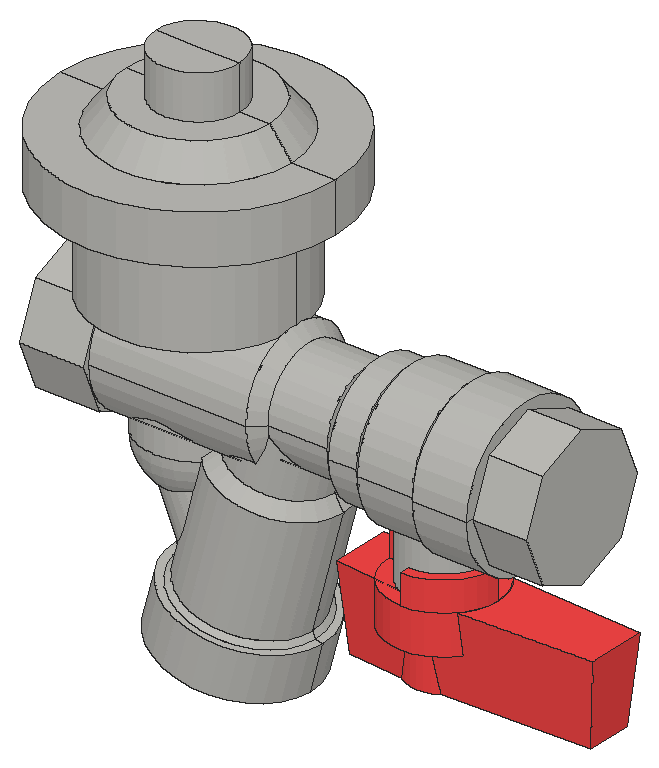
Revit family "VT.300.N.04", category Арматура трубопроводов, Revit 2019
Family settings
  Размер круглого соединителя = Использовать диаметр
  Тип детали = Клапан - Вставляется
  На основе рабочей плоскости = Нет
  Всегда вертикально = Да
  При загрузке вырезать с полостями = Нет
  Общий = Нет
Parameters
  Изготовитель = "VALTEC"
  URL = "https://valtec.ru/"
  Du [instance] = 15 mm  # constant formula
  ADSK_Позиция [instance] = ""
  ADSK_Обозначение [instance] = "VT.300.N.04"  # constant formula
  ADSK_Наименование [instance] = "Кран шаровой со встроенным фильтром и редуктором давления (КФРД) универсальный"  # constant formula
  ADSK_Материал [instance] = Латунь CW614N
  ADSK_Масса [instance] = 0
  ADSK_Код изделия [instance] = "VT.300.N.04"  # constant formula
  ADSK_Завод-изготовитель [instance] = Изготовитель  # "VALTEC"
  ADSK_Единица измерения [instance] = "шт."  # constant formula
  ADSK_URL страницы изделия [instance] = "https://valtec.ru/catalog/reguliruyuschaya_armatura/reduktory_davleniya_dlya_vody/kran_sharovoj_so_vstroennym_filtrom_i_reduktorom_davleniya_kfrd_universalnyj.html"
  ADSK_URL документации изделия [instance] = "https://valtec.ru/document/technical/VT.300-0919.pdf"
Reference planes
  plane 1 "По центру (Вперед/Назад)": y = 0
  plane 2: z = 0
  plane 3 "По центру (Влево/Вправо)": x = 0
  plane 4: x = -34
  plane 5: x = 45
  plane 6: y = 13
  plane 7: y = 10.516
  plane 8: y = 13
  plane 9: y = 14.5
  plane 10: y = 15.5
  plane 11: through (-2, 13, 1200) normal (0.7071, 0.7071, 0)
  plane 12: through (15, 13, 1200) normal (0.7071, -0.7071, 0)
  plane 13: x = -2
  plane 14: x = 15
  plane 15: x = 22
  plane 16: through (22, 14.5, 1200) normal (0.7071, -0.7071, 0)
  plane 17: x = 34
  plane 18: through (34, 15.5, 1200) normal (0.7071, -0.7071, 0)
  plane 19: x = 56
  plane 20: x = -47
  plane 21: through (0, 0, 0) normal (0, 0.3827, 0.9239)
  plane 22: through (0, 0, 0) normal (0, 0.9239, 0.3827)
  plane 23: through (0, 0, 0) normal (0, 0.9239, -0.3827)
  plane 24: through (0, 0, 0) normal (0, 0.3827, -0.9239)
  plane 25: through (0, -10.754, 9.617) normal (0, 0.3827, -0.9239)
  plane 26: through (0, 4.975, -12.01) normal (0, 0.3827, -0.9239)
  plane 27: through (0, 12.01, 4.975) normal (0, 0.9239, 0.3827)
  plane 28: through (0, -12.01, -4.975) normal (0, 0.9239, 0.3827)
  plane 29: through (0, 12.01, -4.975) normal (0, 0.9239, -0.3827)
  plane 30: through (0, -12.01, 4.975) normal (0, 0.9239, -0.3827)
  plane 31: through (0, -4.975, -12.01) normal (0, 0.3827, 0.9239)
  plane 32: through (0, 0, 0) normal (0, 0.3827, 0.9239)
  plane 33: through (0, 4.975, 12.01) normal (0, 0.3827, 0.9239)
  plane 34: through (-1, -1524, 0) normal (0.9659, 0, -0.2588)
  plane 35: through (-13.682, -1524, -47.33) normal (0.2588, 0, 0.9659)
  plane 36: through (-6.964, -1524, -50.89) normal (0.2588, 0, 0.9659)
  plane 37: through (-5.955, -1524, -49.401) normal (0.866, 0, 0.5)
  plane 38: through (0.85, -1524, -52.984) normal (-0.9659, 0, 0.2588)
  plane 39: through (3.438, -1524, -43.325) normal (-0.2588, 0, -0.9659)
  plane 40: through (1.3, -1524, -41.646) normal (-0.9659, 0, 0.2588)
  plane 41: through (1.989, -1524, -42.937) normal (-0.866, 0, -0.5)
  plane 42: through (4.846, -1524, -18.752) normal (-0.9659, 0, 0.2588)
  plane 43: through (-1, -1524, 0) normal (0.2588, 0, 0.9659)
  plane 44: through (7.623, -1524, -18.047) normal (-0.866, 0, -0.5)
  plane 45: x = -22
  plane 46: z = 56.5
  plane 47: x = -30.5
  plane 48: z = 47.5
  plane 49: through (-37.86, -1524, 45.828) normal (0.7771, 0, -0.6293)
  plane 50: z = 42
  plane 51: z = 32
  plane 52: through (-46.877, -1524, 31.287) normal (0.5, 0, 0.866)
  plane 53: x = -42
  plane 54: x = -50
  plane 55: through (-42, -1524, 12) normal (0.2588, 0, 0.9659)
  plane 56: x = -33
  plane 57: x = -22
  plane 58: through (-22, -1524, -15.5) normal (0.9205, 0, 0.3907)
  plane 59: x = 28
  plane 60: x = 36
  plane 61: z = -23
  plane 62: z = -39.768
Forms (mm)
  Revolve 1, solid, material "Латунь CW614N" <- "ADSK_Материал", detail levels fine
    sketch origin (0, 0, 0) x (1, 0, 0) y (0, 1, 0)
      loop
        line (-34, 0) -> (45, 0) -> (45, 15.5) -> (34, 15.5) -> (33, 14.5) -> (22, 14.5) -> (20.5, 13) -> (15, 13) -> (12.516, 10.516) -> (0.484, 10.516) -> (-2, 13) -> (-34, 13) -> (-34, 0)
      axis (45, 0) -> (-34, 0)
    angle from 0 to 360
  Extrusion 2, solid, material "Латунь CW614N" <- "ADSK_Материал", detail levels fine
    sketch origin (0, 0, 0) x (0, 1, 0) y (0, 0, 1)
      loop
        line (14.071, 0) -> (9.95, 9.95) -> (0, 14.071) -> (-9.95, 9.95) -> (-14.071, 0) -> (-9.95, -9.95) -> (0, -14.071) -> (9.95, -9.95) -> (14.071, 0)
    from -47 to -34
  Extrusion 3, solid, material "Латунь CW614N" <- "ADSK_Материал", detail levels fine
    sketch origin (0, 0, 0) x (0, 1, 0) y (0, 0, 1)
      loop
        line (-9.95, 9.95) -> (-14.071, 0) -> (-9.95, -9.95) -> (0, -14.071) -> (9.95, -9.95) -> (14.071, 0) -> (9.95, 9.95) -> (0, 14.071) -> (-9.95, 9.95)
    from 45 to 56
  Revolve 4, solid, material "Латунь CW614N" <- "ADSK_Материал", detail levels fine
    sketch origin (0, 0, 0) x (1, 0, 0) y (0, 0, 1)
      loop
        line (-1, 0) -> (-13.682, -47.33) -> (-5.955, -49.401) -> (-4.753, -51.483) -> (0.85, -52.984) -> (3.438, -43.325) -> (1.989, -42.937) -> (1.282, -41.712) -> (7.623, -18.047) -> (5.855, -14.985) -> (9.142, -2.718) -> (-1, 0)
      axis (-1, 0) -> (-14.122, -48.972)
    angle from 0 to 360
  Revolve 5, solid, material "Латунь CW614N" <- "ADSK_Материал", detail levels fine
    sketch origin (0, 0, 0) x (1, 0, 0) y (0, 0, 1)
      loop
        line (-22, 56.5) -> (-30.5, 56.5) -> (-30.5, 47.5) -> (-36.506, 47.5) -> (-40.96, 42) -> (-50, 42) -> (-50, 32) -> (-48.113, 32) -> (-42, 28.471) -> (-42, 12) -> (-33, 9.588) -> (-33, 0) -> (-22, 0) -> (-22, 56.5)
      axis (-22, 0) -> (-22, 56.5)
    angle from 0 to 360
  Revolve 6, solid, material "Латунь CW614N" <- "ADSK_Материал", detail levels fine
    sketch origin (0, 0, 0) x (1, 0, 0) y (0, 0, 1)
      loop
        line (-22, 0) -> (-33, 0) -> (-33, -13)
        arc (-33, -13) -> (-29.778, -20.778) -> (-22, -24) r 11
        line (-22, -24) -> (-22, 0)
      axis (-22, 0) -> (-22, -24)
    angle from 0 to 360
  Revolve 7, solid, material "Латунь CW614N" <- "ADSK_Материал", detail levels fine
    sketch origin (0, 0, 0) x (1, 0, 0) y (0, 0, 1)
      loop
        line (-29.364, -18.626) -> (-20.439, -39.651) -> (-13.075, -36.525) -> (-22, -15.5) -> (-29.364, -18.626)
      axis (-22, -15.5) -> (-13.075, -36.525)
    angle from 0 to 360
  Revolve 8, solid, material "Латунь CW614N" <- "ADSK_Материал", detail levels fine
    sketch origin (0, 0, 0) x (1, 0, 0) y (0, 0, 1)
      loop
        line (28, 0) -> (28, -23) -> (36, -23) -> (36, 0) -> (28, 0)
      axis (28, 0) -> (28, -23)
    angle from 0 to 360
Lines and regions (mm)
  reference lines
    curve 1: line (-1, 0, 0) -> (-1, 0, 1.915)
    curve 2: line (-5.955, 0, -49.401) -> (-5.695, 0, -48.433)
    curve 3: line (1.989, 0, -42.937) -> (1.622, 0, -44.308)
    curve 4: line (7.623, 0, -18.047) -> (5.461, 0, -17.467)
    curve 5: line (-33.5, 0, 47.5) -> (-33.5, 0, 45.752)
    curve 6: line (-35, 0, 47.5) -> (-35, 0, 45.582)
    curve 7: line (-42, 0, 12) -> (-39.69, 0, 12)
    curve 8: line (-22, 0, -24) -> (-25.695, 0, -24)
    curve 9: line (-22, 0, -13) -> (-20.1, 0, -13)
    curve 10: line (-22, 0, -15.5) -> (-26.5, 0, -15.5)
Dimensions and locks
  locked: plane 4 to plane 3 "По центру (Влево/Вправо)" at 34
  locked: plane 6 to plane 1 "По центру (Вперед/Назад)" at 13
  plane 7 to plane 1 "По центру (Вперед/Назад)" = 10.516 mm
  plane 8 to plane 1 "По центру (Вперед/Назад)" = 13 mm
  plane 9 to plane 1 "По центру (Вперед/Назад)" = 14.5 mm
  plane 10 to plane 1 "По центру (Вперед/Назад)" = 15.5 mm
  locked: plane 4 to plane 13 at 32
  locked: plane 13 to plane 14 at 17
  plane 14 to plane 15 = 7 mm
  plane 3 "По центру (Влево/Вправо)" to plane 5 = 45 mm
  plane 17 to plane 5 = 11 mm
  equal spacing: plane 25, plane 24, plane 26
  plane 25 to plane 26 = 26 mm
  equal spacing: plane 27, plane 22, plane 28
  plane 27 to plane 28 = 26 mm
  equal spacing: plane 30, plane 23, plane 29
  plane 30 to plane 29 = 26 mm
  equal spacing: plane 33, plane 32, plane 31
  plane 33 to plane 31 = 26 mm
  locked: plane 20 to plane 4 at 13
  locked: plane 5 to plane 19 at 11
  locked: plane 3 "По центру (Влево/Вправо)" to curve 1 at 1
  locked: curve 1 to plane 35 at 49
  locked: curve 2 to plane 34 at 8
  locked: plane 35 to plane 36 at 1.7
  locked: plane 38 to plane 34 at 15.5
  locked: plane 36 to plane 39 at 10
  locked: plane 34 to plane 40 at 13
  locked: curve 4 to plane 39 at 25.5
  locked: plane 34 to plane 42 at 10.5
  locked: plane 45 to plane 3 "По центру (Влево/Вправо)" at 22
  locked: plane 46 to level at 56.5
  locked: plane 45 to plane 47 at 8.5
  locked: plane 46 to plane 48 at 9
  locked: plane 50 to level at 42
  locked: plane 50 to plane 51 at 10
  locked: plane 45 to plane 53 at 20
  locked: plane 45 to plane 54 at 28
  plane 51 to curve 7 = 20 mm
  locked: plane 45 to plane 56 at 11
  locked: plane 3 "По центру (Влево/Вправо)" to plane 57 at 22
  level to curve 8 = 24 mm
  locked: plane 59 to plane 3 "По центру (Влево/Вправо)" at 28
  locked: plane 60 to plane 59 at 8
  locked: plane 37 to plane 35 (angle 45.00°)
  locked: plane 41 to plane 39 (angle 45.00°)
  locked: plane 44 to curve 4 (angle 45.00°)
  angle plane 52 to plane 51 = 30.00°
  angle plane 53 to plane 55 = 75.00°
  angle plane 57 to plane 58 = 23.00°
  aligned and locked: level to plane 2
  aligned and locked: plane 27 to Extrusion 2 sketch curve
  aligned and locked: plane 33 to Extrusion 2 sketch curve
  aligned and locked: plane 25 to Extrusion 2 sketch curve
  aligned and locked: plane 30 to Extrusion 2 sketch curve
  aligned and locked: Extrusion 2 sketch curve to plane 28
  aligned and locked: Extrusion 2 sketch curve to plane 31
  aligned and locked: Extrusion 2 sketch curve to plane 26
  aligned and locked: Extrusion 2 sketch curve to plane 29
  aligned and locked: Extrusion 2 to plane 20
  aligned and locked: plane 4 to Extrusion 2
  aligned and locked: Extrusion 3 sketch curve to plane 25
  aligned and locked: Extrusion 3 sketch curve to plane 33
  aligned and locked: Extrusion 3 sketch curve to plane 27
  aligned and locked: plane 29 to Extrusion 3 sketch curve
  aligned and locked: plane 26 to Extrusion 3 sketch curve
  aligned and locked: plane 31 to Extrusion 3 sketch curve
  aligned and locked: plane 28 to Extrusion 3 sketch curve
  aligned and locked: Extrusion 3 sketch curve to plane 30
  aligned and locked: Extrusion 3 to plane 5
  aligned and locked: plane 19 to Extrusion 3
  aligned and locked: Revolve 4 sketch curve to plane 43
  aligned and locked: Revolve 4 sketch curve to plane 42
  aligned and locked: Revolve 4 sketch curve to plane 44
  aligned and locked: Revolve 4 sketch curve to plane 40
  aligned and locked: Revolve 4 sketch curve to plane 39
  aligned and locked: Revolve 4 sketch curve to plane 41
  aligned and locked: Revolve 4 sketch curve to plane 38
  aligned and locked: Revolve 4 sketch curve to plane 36
  aligned and locked: Revolve 4 sketch curve to plane 35
  aligned and locked: Revolve 4 sketch curve to plane 37
  aligned and locked: Revolve 4 sketch curve to plane 34  (x2)
  aligned and locked: plane 50 to Revolve 5 sketch curve
  aligned and locked: Revolve 5 sketch curve to plane 49
  aligned and locked: Revolve 5 sketch curve to plane 46
  aligned and locked: Revolve 5 sketch curve to plane 47
  aligned and locked: Revolve 5 sketch curve to plane 48
  aligned and locked: Revolve 5 sketch curve to plane 54
  aligned and locked: Revolve 5 sketch curve to plane 51
  aligned and locked: Revolve 5 sketch curve to plane 52
  aligned and locked: Revolve 5 sketch curve to plane 53
  aligned and locked: Revolve 5 sketch curve to plane 55
  aligned and locked: Revolve 5 sketch curve to plane 45  (x2)
  aligned and locked: Revolve 5 sketch curve to level
  aligned and locked: Revolve 5 sketch curve to plane 56
  aligned and locked: plane 45 to Revolve 6 sketch curve
  aligned and locked: Revolve 6 sketch curve to level
  aligned and locked: plane 56 to Revolve 6 sketch curve
  aligned and locked: Revolve 6 sketch curve to plane 57
  aligned and locked: Revolve 7 sketch curve to plane 58  (x2)
  aligned and locked: Revolve 8 sketch curve to plane 61
  aligned and locked: Revolve 8 sketch curve to plane 60
  aligned and locked: Revolve 8 sketch curve to level
  aligned and locked: plane 59 to Revolve 8 sketch curve
  aligned and locked: Revolve 8 sketch curve to plane 59
  aligned and locked: nested 1 to Revolve 8
  aligned and locked: plane 59 to nested 1
  aligned and locked: plane 1 "По центру (Вперед/Назад)" to nested 1
Automatic sketch dimensions
  Revolve 1 sketch curve to plane 1 "По центру (Вперед/Назад)" = 0 mm
  Revolve 1 sketch curve to plane 4 = 0 mm
  Revolve 1 sketch curve to plane 6 = 0 mm
  Revolve 1 sketch curve to plane 11 = 0 mm  (x2)
  Revolve 1 sketch curve to plane 7 = 0 mm
  Revolve 1 sketch curve to plane 12 = 0 mm
  plane 6 to Revolve 1 sketch curve = 0 mm
  plane 12 to Revolve 1 sketch curve = 0 mm
  Revolve 1 sketch curve to plane 16 = 0 mm
  Revolve 1 sketch curve to plane 9 = 0 mm
  Revolve 1 sketch curve to plane 15 = 0 mm
  Revolve 1 sketch curve to plane 18 = 0 mm
  Revolve 1 sketch curve to plane 10 = 0 mm
  Revolve 1 sketch curve to plane 17 = 0 mm
  plane 1 "По центру (Вперед/Назад)" to Revolve 1 sketch curve = 0 mm
  Revolve 1 sketch curve to plane 5 = 0 mm
  Revolve 1 sketch curve to plane 20 = 1954.592 mm
  plane 19 to Revolve 1 sketch curve = 1942.426 mm
  Revolve 4 sketch curve to plane 35 = 0 mm
  Revolve 4 sketch curve to level = 0 mm
  Revolve 5 sketch curve to level = 0 mm
  Revolve 5 sketch curve to plane 46 = 0 mm
  Revolve 6 sketch curve to level = 13 mm
  Revolve 6 sketch curve to level = 0 mm
  Revolve 6 sketch curve to Revolve 6 sketch curve = 1.004 mm
  curve 7 to plane 53 = 0 mm
  curve 6 to plane 48 = 0 mm
  curve 5 to plane 48 = 0 mm
  plane 45 to curve 8 = 0 mm
  plane 45 to curve 9 = 0 mm
  plane 45 to curve 10 = 0 mm
  plane 35 to curve 2 = 0 mm
  curve 3 to plane 39 = 0 mm
  plane 41 to curve 3 = 0 mm
  curve 4 to plane 40 = 0 mm
  plane 53 to curve 7 = 2.31 mm
  curve 6 to plane 4 = 1 mm
  plane 4 to curve 5 = 0.5 mm
  plane 47 to curve 10 = 4 mm
  plane 45 to curve 8 = 3.695 mm
  curve 9 to curve 9 = 1.9 mm
  curve 2 to curve 2 = 0.259 mm
  curve 3 to curve 3 = 0.367 mm
  curve 3 to curve 3 = 1.371 mm
  curve 10 to curve 9 = 2.5 mm
  level to curve 1 = 1.915 mm
  plane 48 to curve 6 = 1.918 mm
  curve 6 to curve 5 = 0.169 mm
  curve 8 to curve 10 = 8.5 mm
  plane 45 to Revolve 7 sketch curve = 0 mm  (x2)
  Revolve 7 sketch curve to plane 45 = 1.561 mm
  plane 47 to Revolve 7 sketch curve = 1.136 mm
  Revolve 7 sketch curve to Revolve 7 sketch curve = 2.276 mm
  Revolve 8 sketch curve to level = 0 mm
  Revolve 8 sketch curve to Revolve 8 sketch curve = 20.969 mm
Nested families
  nested 1: "Ручка" at (28, 0, -31), type "Ручка", detail levels fine
    with Материал_ручка Силумин
  nested 2: "Усл.обоз" at (0, 0, 0), type "Усл.обоз", detail levels coarse+medium
Connectors
  piping at (-34, 0, 0), diameter 15, driven by "Du"
    settings: on Revolve 1, index 1, connector inside diameter 609.6 mm, connector length 0 mm, flow factor 0, pipe flow 0.0 L/s, pressure drop 0.0 Pa, fitting loss kfactor 0, connector angle 0.00°, fixture units 0, engagement length 0 mm, angle of deflection 0.00°, flow configuration 0, flow direction 0, fitting loss method 4, system type 7, joint type 0, gender type 0, connector reference index -1, connector utility 0, adjustable connector no, is connector primary yes, connector description ""
  piping at (45, 0, 0), diameter 15, driven by "Du"
    settings: on Revolve 1, index 2, connector inside diameter 609.6 mm, connector length 0 mm, flow factor 0, pipe flow 0.0 L/s, pressure drop 0.0 Pa, fitting loss kfactor 0, connector angle 0.00°, fixture units 0, engagement length 0 mm, angle of deflection 0.00°, flow configuration 0, flow direction 0, fitting loss method 0, system type 7, joint type 0, gender type 0, connector reference index -1, connector utility 0, adjustable connector no, is connector primary no, connector description ""
Definition of nested family "Ручка"
  Parameters (values of type "Ручка")
    Материал_ручка [instance] = none
  Reference planes
    plane 1 "По центру (Вперед/Назад)": y = 0
    plane 2: z = 0
    plane 3 "По центру (Влево/Вправо)": x = 0
    plane 4: z = 8
    plane 5: z = -9
    plane 6: x = -17
    plane 7: x = 35
    plane 8: y = 6
    plane 9: y = -6
    plane 10: y = -7.5
    plane 11: y = 7.5
    plane 12: through (-17, 6, 1200) normal (-0.0879, 0.9961, 0)
    plane 13: through (-17, -6, 1200) normal (0.0879, 0.9961, 0)
    plane 14: through (35, -6, 1200) normal (0.0428, -0.9991, 0)
    plane 15: through (35, 6, 1200) normal (-0.0428, -0.9991, 0)
    plane 16: z = 14
  Forms (mm)
    Extrusion 1, solid, material <- "Материал_ручка"
      sketch origin (0, 0, 0) x (1, 0, 0) y (0, 1, 0)
        loop
          circle (0, 0) r 11.009
      from 0 to 8
    Extrusion 2, solid, material <- "Материал_ручка"
      sketch origin (0, 0, 0) x (1, 0, 0) y (0, 1, 0)
        loop
          circle (0, 0) r 7
      from -9 to 0
    Blend 3, solid, material <- "Материал_ручка"
      base sketch origin (0, 0, 0) x (1, 0, 0) y (0, 1, 0)
        loop
          line (-17, 6) -> (-17, -6) -> (0, -7.5) -> (35, -6) -> (35, 6) -> (0, 7.5) -> (-17, 6)
      top sketch origin (0, 0, 0) x (1, 0, 0) y (0, 1, 0)
        loop
          line (-15.457, 4.63) -> (-15.457, -4.63) -> (0.034, -5.997) -> (33.5, -4.563) -> (33.5, 4.563) -> (0.034, 5.997) -> (-15.457, 4.63)
      from 8 to -9
    Extrusion 4, solid, material <- "Материал_ручка"
      sketch origin (0, 0, 0) x (1, 0, 0) y (0, 1, 0)
        loop
          arc (0, -11.009) -> (7.784, -7.784) -> (11.009, 0) r 11.009
          line (11.009, 0) -> (9, 0)
          arc (9, 0) -> (6.364, -6.364) -> (0, -9) r 9
          line (0, -9) -> (0, -11.009)
        loop
          arc (0, 11.009) -> (-7.784, 7.784) -> (-11.009, 0) r 11.009
          line (-11.009, 0) -> (-9, 0)
          arc (-9, 0) -> (-6.364, 6.364) -> (0, 9) r 9
          line (0, 9) -> (0, 11.009)
      from 8 to 14
  Dimensions and locks
    locked: plane 4 to level at 8
    locked: level to plane 5 at 9
    locked: plane 6 to plane 3 "По центру (Влево/Вправо)" at 17
    locked: plane 3 "По центру (Влево/Вправо)" to plane 7 at 35
    equal spacing: plane 9, plane 1 "По центру (Вперед/Назад)", plane 8
    locked: plane 9 to plane 8 at 12
    equal spacing: plane 11, plane 1 "По центру (Вперед/Назад)", plane 10
    locked: plane 11 to plane 10 at 15
    locked: plane 12 to Blend 3 sketch curve at 1.5
    plane 15 to Blend 3 sketch curve = 1.5 mm
    Blend 3 sketch curve to plane 7 = 1.5 mm
    plane 14 to Blend 3 sketch curve = 1.5 mm
    plane 13 to Blend 3 sketch curve = 1.5 mm
    plane 6 to Blend 3 sketch curve = 1.543 mm
    locked: plane 16 to plane 4 at 6
    diameter of Extrusion 1 sketch curve = 22.017 mm
    diameter of Extrusion 2 sketch curve = 14 mm
    aligned and locked: level to plane 2
    aligned and locked: plane 3 "По центру (Влево/Вправо)" to Extrusion 1 sketch curve
    aligned and locked: plane 1 "По центру (Вперед/Назад)" to Extrusion 1 sketch curve
    aligned and locked: plane 4 to Extrusion 1
    aligned and locked: Extrusion 1 to level
    aligned and locked: plane 3 "По центру (Влево/Вправо)" to Extrusion 2 sketch curve
    aligned and locked: plane 1 "По центру (Вперед/Назад)" to Extrusion 2 sketch curve
    aligned and locked: Extrusion 2 to plane 5
    aligned and locked: level to Extrusion 2
    aligned and locked: Blend 3 sketch curve to plane 12
    aligned and locked: Blend 3 sketch curve to plane 15
    aligned and locked: plane 7 to Blend 3 sketch curve
    aligned and locked: Blend 3 sketch curve to plane 14
    aligned and locked: Blend 3 sketch curve to plane 13
    aligned and locked: Blend 3 sketch curve to plane 6
    aligned and locked: Blend 3 to Extrusion 1
    aligned and locked: Blend 3 to plane 5
    aligned and locked: Extrusion 4 to Extrusion 1
    aligned and locked: plane 16 to Extrusion 4
  Automatic sketch dimensions
    Extrusion 4 sketch curve to Extrusion 4 sketch curve = 0 mm
    plane 1 "По центру (Вперед/Назад)" to Extrusion 4 sketch curve = 0 mm
    Extrusion 4 sketch curve to plane 3 "По центру (Влево/Вправо)" = 0 mm  (x2)
    plane 6 to Extrusion 4 sketch curve = 8 mm
    Extrusion 4 sketch curve to Extrusion 4 sketch curve = 2.009 mm  (x2)
    Extrusion 4 sketch curve to Extrusion 4 sketch curve = 9 mm
Definition of nested family "Усл.обоз"
  Reference planes
    plane 1: y = 0
    plane 2: x = 0
  Lines and regions (mm)
    Masking region 1
      outline origin (-15, 0, 0) x (1, 0, 0) y (0, 1, 0)
        loop
          line (0, 15) -> (0, -15) -> (35, 0) -> (0, 15)
    Masking region 2
      outline origin (-15, 0, 0) x (1, 0, 0) y (0, 1, 0)
        loop
          line (35, 0) -> (70, -15) -> (70, 15) -> (35, 0)
    detail lines
      curve 1: line (-15, 0, 0) -> (-45, 0, 0)
      curve 2: line (-45, 10, 0) -> (-45, -10, 0)
      curve 3: line (-35, 0, 0) -> (-6.716, -28.284, 0)
      curve 4: line (0.355, -21.213, 0) -> (-13.787, -35.355, 0)
      curve 5: line (-15, 15, 0) -> (-15, -15, 0)
      curve 6: line (20, 0, 0) -> (-15, -15, 0)
      curve 7: line (-15, 15, 0) -> (20, 0, 0)
      curve 8: line (55, 0, 0) -> (55, 15, 0)
      curve 9: line (55, 15, 0) -> (20, 0, 0)
      curve 10: line (20, 0, 0) -> (55, -15, 0)
      curve 11: line (55, -15, 0) -> (55, 0, 0)
      curve 12: line (55, 0, 0) -> (60, 0, 0)
